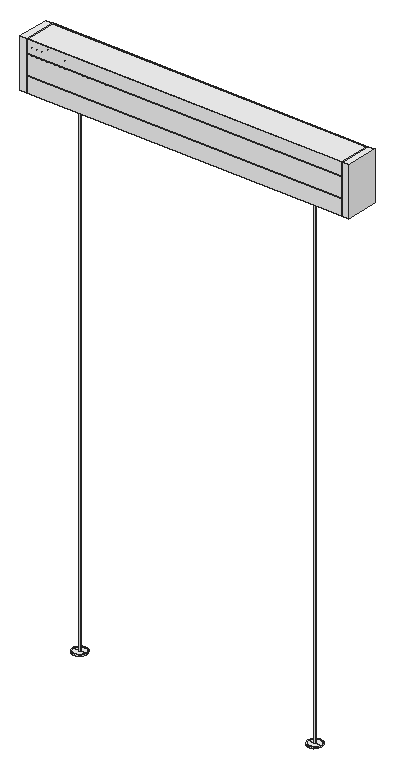
Revit family "2.3 inch  MAGIC WALL WASH LINEAR LIGHT", category Lighting Fixtures, host Face, Revit 2020 (continued)
Types (17): name | Wattage Comments | Wattage | Wall Mount | Suspenders Distance | Surface Mount | Recessed Mount | Photometric Web File | Pendent Mount | Order number | built-in parameter 1150142 | Model | built-in parameter 1150105 | Lumens | Light Source Height | Light Source Distance | built-in parameter 1150106 | Fixture Length
    8.25  \r\n 2000.70  2002.44  2001.82  1998.76  1995.53  1992.22  1988.73  1984.47  1980.23  1975.86  \r\n 1970.63  1965.35  1960.26  1956.19  1952.05  1947.59  1941.93  1936.24  1930.47  1924.37  \r\n 1918.23  1911.96  1905.01  1897.99  1890.90  1883.32  1875.71  1868.06  1859.93  1851.70  \r\n 1843.43  1834.59  1825.51  1816.33  1806.61  1796.48  1786.23  1775.88  1765.51  1752.04  \r\n 1735.76  1718.74  1701.62  1684.38  1666.69  1648.83  1630.88  1612.54  1593.68  1574.73  \r\n 1555.67  1536.00  1516.30  1496.56  1476.57  1456.32  1436.02  1415.67  1395.25  1374.74  \r\n 1354.14  1333.32  1312.07  1290.83  1269.60  1247.93  1225.74  1203.52  1181.27  1159.19  \r\n 1136.21  1112.36  1088.60  1064.80  1040.97  1017.22  993.56   969.94   946.37   922.89   \r\n 899.51   876.22   852.61   829.09   805.72   782.48   759.40   736.49   713.72   691.08   \r\n 668.57   646.14   623.71   601.39   579.19   557.11   536.79   518.98   501.28   483.69   \r\n 466.20   448.81   431.53   414.33   397.24   380.24   363.34   346.53   329.82   313.19   \r\n 296.63   280.14   263.73   247.40   231.14   214.96   198.84   182.79   166.80   154.71   \r\n 147.24   139.80   132.39   125.01   117.66   110.34   103.05   95.78    88.53    81.30    \r\n 74.09    66.90    59.73    52.56    45.42    38.28    31.15    24.02    16.91    9.79     \r\n 2.68     2.58     2.47     2.37     2.27     2.17     2.06     1.96     1.86     1.75     \r\n 1.65     1.55     1.45     1.35     1.25     1.15     1.05     0.95     0.85     0.75     \r\n 0.66     0.56     0.52     0.54     0.55     0.56     0.57     0.58     0.60     0.61     \r\n 0.62     0.64     0.65     0.66     0.68     0.69     0.71     0.72     0.74     0.75     \r\n 0.76     0.77     0.78     0.80     0.81     0.83     0.84     0.86     0.88     0.90     \r\n 0.92     0.94     0.96     0.97     0.99     1.01     1.04     1.06     1.08     1.10     \r\n 1.11     1.13     1.15     1.17     1.19     1.21     1.23     1.25     1.27     1.30     \r\n 1.32     1.34     1.36     1.37     1.39     1.41     1.42     1.44     1.46     1.47     \r\n 1.49     1.51     1.53     1.55     1.57     1.59     1.61     1.62     1.65     1.67     \r\n 1.69     1.72     1.74     1.77     1.79     1.81     1.82     1.84     1.87     1.89     \r\n 1.92     1.94     1.97     2.00     2.02     2.04     2.06     2.09     2.11     2.13     \r\n 2.16     2.19     2.21     2.24     2.27     2.29     2.32     2.35     2.37     2.39     \r\n 2.42     2.45     2.48     2.50     2.53     2.56     2.59     2.62     2.66     2.68     \r\n 2.71     2.74     2.77     2.80     2.84     2.87     2.89     2.92     2.96     2.98     \r\n 3.01     3.03     3.06     3.08     3.11     3.13     3.15     3.18     3.20     3.23     \r\n 3.26     3.28     3.31     3.33     3.36     3.38     3.41     3.44     3.46     3.49     \r\n 3.52     3.54     3.57     3.59     3.62     3.65     3.67     3.70     3.73     3.76     \r\n 3.78     3.81     3.83     3.86     3.89     3.91     3.94     3.96     3.98     4.00     \r\n 4.26     \r\n1793.11  1801.17  1809.12  1816.98  1824.22  1831.37  1838.50  1845.24  1851.87  1858.48  \r\n 1864.59  1870.40  1876.14  1881.67  1887.04  1892.38  1897.62  1902.73  1907.78  1912.64  \r\n 1917.02  1921.32  1925.53  1929.61  1933.66  1937.68  1941.65  1945.63  1949.61  1952.64  \r\n 1955.42  1958.12  1960.91  1963.74  1966.54  1969.05  1971.22  1973.33  1975.36  1975.08  \r\n 1971.98  1968.84  1965.66  1962.44  1959.17  1955.39  1951.43  1947.44  1943.28  1938.91  \r\n 1934.47  1929.87  1924.97  1920.09  1915.22  1909.32  1903.25  1897.14  1891.54  1886.39  \r\n 1881.16  1875.71  1869.31  1862.88  1856.42  1849.66  1842.75  1835.80  1828.63  1820.90  \r\n 1813.10  1805.24  1797.17  1789.00  1780.79  1766.69  1751.98  1737.16  1722.22  1706.86  \r\n 1691.10  1675.26  1659.35  1642.80  1626.02  1609.15  1592.20  1575.23  1558.17  1541.02  \r\n 1523.69  1505.73  1487.67  1469.53  1451.26  1432.74  1414.15  1395.49  1376.71  1357.17  \r\n 1337.55  1317.85  1298.07  1278.25  1258.41  1238.55  1215.98  1192.93  1169.70  1146.52  \r\n 1123.38  1100.28  1077.06  1053.89  1030.76  1007.68  984.64   961.57   938.56   915.60   \r\n 892.69   869.78   846.54   823.40   800.34   777.38   754.51   731.77   709.13   686.56   \r\n 664.05   641.60   619.22   599.57   581.09   562.69   544.39   526.17   508.04   490.01   \r\n 472.09   454.25   436.48   418.78   401.14   383.58   366.08   348.63   331.22   313.89   \r\n 296.62   279.41   262.27   245.18   228.15   211.17   194.24   179.13   171.23   163.35   \r\n 155.50   147.68   139.88   132.11   124.36   116.63   108.92   101.23   93.56    85.91    \r\n 78.27    70.64    63.03    55.42    47.83    40.25    32.67    25.10    17.53    9.96     \r\n 2.40     2.31     2.23     2.15     2.07     1.99     1.91     1.83     1.75     1.67     \r\n 1.59     1.51     1.42     1.34     1.26     1.19     1.11     1.03     0.95     0.87     \r\n 0.79     0.72     0.64     0.57     0.56     0.58     0.59     0.60     0.62     0.63     \r\n 0.65     0.66     0.68     0.69     0.71     0.72     0.74     0.75     0.76     0.78     \r\n 0.79     0.80     0.82     0.83     0.85     0.86     0.88     0.89     0.91     0.93     \r\n 0.95     0.97     0.99     1.01     1.03     1.05     1.07     1.10     1.12     1.14     \r\n 1.16     1.17     1.19     1.21     1.23     1.25     1.28     1.30     1.32     1.35     \r\n 1.37     1.39     1.42     1.44     1.46     1.48     1.50     1.52     1.54     1.56     \r\n 1.58     1.60     1.62     1.63     1.65     1.67     1.69     1.71     1.73     1.75     \r\n 1.77     1.80     1.82     1.84     1.87     1.89     1.91     1.94     1.96     1.98     \r\n 2.01     2.03     2.06     2.08     2.11     2.14     2.17     2.19     2.22     2.24     \r\n 2.26     2.28     2.30     2.33     2.35     2.38     2.40     2.43     2.46     2.48     \r\n 2.51     2.54     2.57     2.60     2.62     2.65     2.68     2.70     2.73     2.76     \r\n 2.79     2.82     2.84     2.87     2.90     2.93     2.96     2.99     3.03     3.06     \r\n 3.09     3.12     3.14     3.16     3.19     3.21     3.23     3.26     3.28     3.30     \r\n 3.33     3.35     3.37     3.40     3.42     3.44     3.47     3.49     3.52     3.54     \r\n 3.56     3.59     3.61     3.64     3.66     3.68     3.71     3.73     3.76     3.78     \r\n 3.80     3.83     3.85     3.88     3.90     3.92     3.95     3.97     3.99     4.01     \r\n 4.26     \r\n1793.11  1800.10  1806.99  1813.78  1820.22  1826.37  1832.51  1838.62  1844.30  1849.97  \r\n 1855.62  1860.90  1865.80  1870.64  1875.42  1879.94  1884.44  1888.91  1893.26  1897.49  \r\n 1901.66  1905.79  1909.32  1912.76  1916.13  1919.44  1922.70  1925.94  1929.14  1932.39  \r\n 1935.65  1938.91  1941.76  1943.79  1945.76  1947.65  1949.72  1947.66  1944.35  1940.94  \r\n 1937.09  1933.23  1929.36  1925.40  1921.34  1917.23  1913.09  1908.91  1904.69  1900.43  \r\n 1896.07  1891.21  1886.32  1881.39  1876.28  1870.87  1865.38  1859.81  1854.24  1848.71  \r\n 1843.20  1837.70  1831.29  1824.47  1817.61  1810.70  1804.40  1798.20  1791.92  1785.58  \r\n 1778.61  1767.83  1754.93  1741.91  1728.52  1714.97  1701.32  1687.58  1673.35  1658.84  \r\n 1644.24  1629.55  1614.66  1599.53  1584.31  1568.98  1553.50  1537.61  1521.62  1505.54  \r\n 1489.37  1472.93  1456.35  1439.71  1423.02  1406.21  1388.74  1371.20  1353.59  1335.93  \r\n 1318.20  1300.40  1280.12  1258.50  1236.86  1215.02  1192.85  1170.67  1148.49  1126.30  \r\n 1104.10  1081.92  1059.76  1037.60  1015.45  993.31   970.87   948.24   925.65   903.07   \r\n 880.53   858.00   835.52   813.07   790.64   768.23   745.83   723.45   701.06   678.63   \r\n 658.54   639.89   621.30   602.76   584.28   565.84   547.40   529.02   510.68   492.40   \r\n 474.16   455.98   437.83   419.74   401.67   383.65   365.66   347.72   329.82   311.95   \r\n 294.12   276.33   258.57   240.85   223.15   205.48   194.99   186.79   178.62   170.46   \r\n 162.32   154.20   146.10   138.01   129.94   121.88   113.84   105.81   97.79    89.78    \r\n 81.77    73.78    65.80    57.82    49.85    41.89    33.93    25.97    18.02    10.06    \r\n 2.11     2.05     1.99     1.92     1.86     1.80     1.73     1.67     1.61     1.54     \r\n 1.48     1.42     1.36     1.29     1.23     1.17     1.11     1.05     0.99     0.93     \r\n 0.87     0.81     0.75     0.69     0.63     0.59     0.61     0.62     0.64     0.65     \r\n 0.67     0.68     0.70     0.71     0.73     0.74     0.76     0.77     0.79     0.81     \r\n 0.82     0.84     0.85     0.87     0.89     0.90     0.92     0.94     0.96     0.99     \r\n 1.01     1.03     1.05     1.07     1.09     1.11     1.13     1.15     1.17     1.19     \r\n 1.21     1.23     1.25     1.27     1.29     1.31     1.33     1.36     1.38     1.40     \r\n 1.43     1.45     1.48     1.50     1.52     1.55     1.57     1.60     1.62     1.65     \r\n 1.67     1.69     1.71     1.73     1.75     1.77     1.79     1.81     1.83     1.85     \r\n 1.87     1.89     1.91     1.94     1.96     1.98     2.01     2.03     2.06     2.09     \r\n 2.11     2.13     2.15     2.18     2.20     2.23     2.26     2.28     2.31     2.34     \r\n 2.37     2.39     2.42     2.45     2.47     2.50     2.52     2.54     2.56     2.59     \r\n 2.61     2.63     2.66     2.68     2.71     2.74     2.76     2.79     2.82     2.84     \r\n 2.87     2.90     2.93     2.96     2.99     3.02     3.05     3.07     3.10     3.13     \r\n 3.16     3.19     3.22     3.25     3.28     3.30     3.32     3.34     3.36     3.38     \r\n 3.40     3.42     3.44     3.47     3.49     3.51     3.53     3.55     3.57     3.59     \r\n 3.61     3.64     3.66     3.68     3.70     3.72     3.75     3.77     3.79     3.81     \r\n 3.83     3.85     3.87     3.89     3.91     3.93     3.95     3.97     3.99     4.01     \r\n 4.26     \r\n1793.11  1798.98  1804.76  1810.44  1816.04  1821.15  1826.25  1831.32  1836.38  1841.07  \r\n 1845.74  1850.40  1855.06  1859.04  1862.97  1866.84  1870.66  1874.29  1877.90  1881.48  \r\n 1885.05  1888.40  1891.69  1894.95  1898.15  1900.85  1903.40  1905.87  1908.28  1910.71  \r\n 1913.14  1915.54  1917.90  1920.35  1922.85  1921.86  1918.64  1914.76  1910.34  1905.89  \r\n 1901.43  1897.02  1892.72  1888.38  1884.00  1879.55  1874.81  1870.06  1865.30  1860.53  \r\n 1855.54  1850.49  1845.40  1840.27  1835.11  1829.91  1824.68  1819.41  1814.04  1808.28  \r\n 1802.48  1796.65  1790.79  1784.56  1778.09  1771.55  1764.95  1758.33  1748.81  1737.11  \r\n 1725.31  1713.40  1700.89  1687.69  1674.45  1661.17  1647.85  1634.70  1621.57  1608.33  \r\n 1594.98  1581.53  1567.56  1553.36  1539.05  1524.64  1510.12  1495.47  1480.72  1465.90  \r\n 1451.00  1436.02  1420.78  1405.23  1389.60  1373.91  1358.15  1342.32  1326.13  1306.60  \r\n 1286.13  1265.63  1245.09  1224.47  1203.63  1182.76  1161.85  1140.91  1119.93  1098.91  \r\n 1077.81  1056.67  1035.49  1014.28  993.03   971.75   950.21   928.51   906.80   885.07   \r\n 863.32   841.56   819.78   798.03   776.33   754.61   732.89   711.59   693.13   674.69   \r\n 656.27   637.74   619.14   600.57   582.03   563.52   545.04   526.59   508.16   489.76   \r\n 471.41   453.11   434.83   416.57   398.32   380.09   361.87   343.67   325.48   307.30   \r\n 289.13   270.97   252.82   234.66   217.77   209.34   200.93   192.54   184.15   175.78   \r\n 167.42   159.07   150.73   142.40   134.08   125.77   117.47   109.18   100.89   92.61    \r\n 84.34    76.07    67.80    59.54    51.29    43.04    34.79    26.54    18.30    10.05    \r\n 1.81     1.76     1.72     1.67     1.62     1.58     1.53     1.48     1.44     1.39     \r\n 1.35     1.30     1.25     1.21     1.16     1.12     1.07     1.03     0.98     0.94     \r\n 0.89     0.85     0.81     0.76     0.72     0.68     0.63     0.64     0.66     0.68     \r\n 0.69     0.71     0.73     0.74     0.76     0.78     0.79     0.81     0.83     0.85     \r\n 0.87     0.89     0.90     0.92     0.94     0.96     0.98     1.00     1.02     1.04     \r\n 1.06     1.08     1.09     1.11     1.13     1.15     1.17     1.19     1.22     1.24     \r\n 1.26     1.28     1.31     1.33     1.35     1.38     1.40     1.43     1.45     1.48     \r\n 1.50     1.53     1.55     1.57     1.60     1.62     1.64     1.67     1.69     1.72     \r\n 1.75     1.78     1.81     1.83     1.85     1.87     1.89     1.92     1.94     1.96     \r\n 1.98     2.00     2.02     2.05     2.07     2.09     2.12     2.14     2.17     2.20     \r\n 2.22     2.25     2.28     2.30     2.33     2.35     2.37     2.40     2.42     2.45     \r\n 2.47     2.50     2.52     2.55     2.57     2.60     2.62     2.64     2.67     2.69     \r\n 2.72     2.74     2.77     2.79     2.82     2.85     2.87     2.90     2.93     2.95     \r\n 2.98     3.00     3.03     3.05     3.08     3.10     3.13     3.16     3.19     3.22     \r\n 3.24     3.27     3.30     3.33     3.36     3.39     3.41     3.43     3.45     3.47     \r\n 3.49     3.51     3.52     3.54     3.56     3.58     3.59     3.61     3.63     3.65     \r\n 3.67     3.69     3.71     3.73     3.75     3.76     3.78     3.80     3.82     3.84     \r\n 3.86     3.87     3.89     3.91     3.93     3.95     3.96     3.98     3.99     4.01     \r\n 4.26     \r\n1793.11  1797.81  1802.44  1806.98  1811.44  1815.74  1819.75  1823.76  1827.74  1831.71  \r\n 1835.51  1839.16  1842.79  1846.42  1850.03  1853.17  1856.12  1859.03  1861.89  1864.70  \r\n 1867.40  1870.09  1872.75  1875.40  1877.98  1880.37  1882.71  1885.02  1887.29  1889.33  \r\n 1890.98  1892.57  1894.09  1895.21  1890.84  1886.57  1882.28  1877.98  1873.67  1869.37  \r\n 1865.05  1860.67  1856.24  1851.75  1846.78  1841.44  1836.08  1830.70  1825.30  1819.93  \r\n 1814.60  1809.23  1803.83  1798.40  1792.89  1787.28  1781.65  1776.02  1770.37  1764.69  \r\n 1758.71  1752.69  1746.65  1740.57  1734.45  1728.30  1716.69  1704.99  1693.21  1681.34  \r\n 1669.35  1657.10  1644.81  1632.47  1620.08  1607.64  1594.94  1581.96  1568.93  1555.86  \r\n 1542.75  1529.58  1516.42  1503.20  1489.90  1476.50  1463.02  1449.45  1435.63  1421.58  \r\n 1407.50  1393.38  1379.23  1365.05  1350.84  1336.33  1320.09  1301.00  1281.85  1262.63  \r\n 1243.35  1223.93  1204.21  1184.45  1164.65  1144.82  1124.94  1105.03  1085.09  1065.07  \r\n 1045.00  1024.88  1004.70  984.48   964.21   943.89   923.51   902.90   882.25   861.56   \r\n 840.83   820.06   799.26   778.43   757.55   737.31   719.13   700.95   682.76   664.58   \r\n 646.39   628.20   610.01   591.81   573.61   555.41   537.15   518.89   500.63   482.37   \r\n 464.12   445.87   427.63   409.39   391.15   372.92   354.70   336.47   318.25   300.02   \r\n 281.79   263.56   245.34   230.02   221.49   212.98   204.47   195.96   187.46   178.97   \r\n 170.49   162.00   153.53   145.06   136.59   128.13   119.67   111.21   102.76   94.31    \r\n 85.87    77.42    68.98    60.55    52.11    43.67    35.24    26.81    18.37    9.94     \r\n 1.51     1.48     1.45     1.42     1.38     1.35     1.32     1.29     1.26     1.23     \r\n 1.20     1.16     1.13     1.10     1.07     1.04     1.01     0.98     0.95     0.92     \r\n 0.89     0.86     0.83     0.80     0.77     0.74     0.71     0.68     0.69     0.71     \r\n 0.73     0.74     0.76     0.78     0.80     0.82     0.84     0.86     0.88     0.90     \r\n 0.92     0.93     0.95     0.97     0.99     1.01     1.03     1.05     1.07     1.09     \r\n 1.11     1.13     1.15     1.17     1.20     1.22     1.24     1.27     1.29     1.32     \r\n 1.34     1.37     1.39     1.42     1.44     1.47     1.49     1.51     1.54     1.56     \r\n 1.59     1.61     1.64     1.67     1.70     1.72     1.75     1.78     1.81     1.84     \r\n 1.87     1.89     1.92     1.95     1.97     2.00     2.02     2.04     2.06     2.08     \r\n 2.10     2.12     2.14     2.16     2.19     2.21     2.24     2.26     2.28     2.31     \r\n 2.33     2.36     2.38     2.41     2.43     2.46     2.49     2.51     2.54     2.56     \r\n 2.59     2.62     2.65     2.68     2.70     2.73     2.76     2.78     2.81     2.83     \r\n 2.85     2.88     2.90     2.92     2.94     2.96     2.98     3.00     3.03     3.05     \r\n 3.08     3.10     3.13     3.15     3.18    
